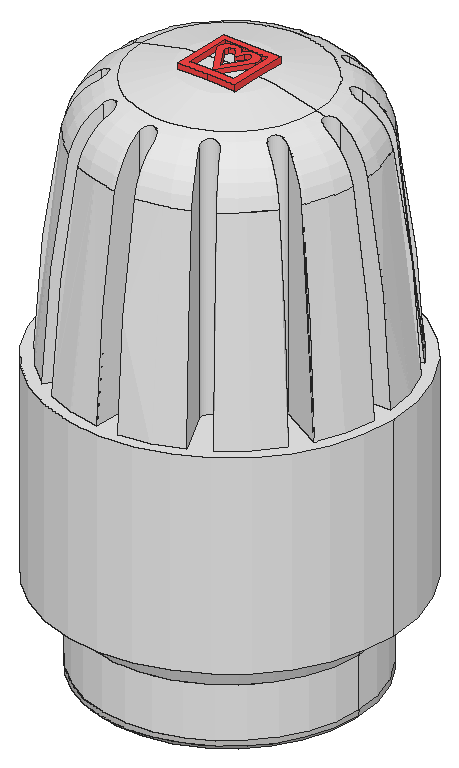
Revit family "HERZ-Herzcules-Thermostatkopf M28x1.5 9860", category Rohrzubehör, Revit 2018
Family settings
  Bemaßung runder Anschluss = Durchmesser verwenden
  Teiletyp = Normal
  OmniClass-Nummer = 23.65.55.14
  OmniClass-Titel = Valves for Liquid Services
  Arbeitsebenenbasiert = Nein
  Immer vertikal = Nein
  Beim Laden mit Abzugskörper schneiden = Nein
  Gemeinsam genutzt = Nein
Parameters
  URL = "www.herz-armaturen.at"
  Sollwertbereich = "8 - 26°C"  # constant formula
  S02 = 60.000 mm  # constant formula
  S01 = 81.000 mm  # constant formula
  Hersteller = "HERZ Armaturen Ges.m.b.H."  # constant formula
  Handrad = "Kunststoff, weiß"  # constant formula
  Funktionsweise = "Der HERZ-Thermostat dient als Fühl- und Regelelement.\r\nDurch die Volumsänderung der Flüssigkeitsfüllung im HERZ-Hydrosensor wird die Schubspindel des Ventils bewegt."
  Bestellnummer = 1986010  # constant formula
  Ausführungen = "HERZCULES, Heizkörperthermostat in Massivausführung\r\ngegen Vandalismus, Diebstahl und unbefugte Betätigung.\r\nMontage, Demontage und Sollwerteinstellung nur mit Spezialwerkzeugen möglich.\r\nSollwerteinstellung verriegelt, Einstellanzeige bleibt in verriegelter Position verdeckt.\r\nMit automatischer Frostsicherung."
  Anwendungen = "HERZCULES, Thermostatkopf zur Montage auf HERZ-Ventilen, die für thermostatischen Betrieb eingerichtet sind."
Reference planes
  plane 1 "Mitte (Vorne/hinten)": y = 0
  plane 2: z = 0
  plane 3 "Mitte (Links/rechts)": x = 0
Forms (mm)
  Revolve 1, solid, material "Kunststoff weiß", detail levels fine
    sketch origin (0, 0, 0) x (1, 0, 0) y (0, 0, 1)
      loop
        line (-20.5, -3.5) -> (-14, -3.5) -> (-14, 0) -> (0, 0) -> (0, 81)
        arc (0, 81) -> (-6.982, 80.51) -> (-13.827, 79.05) r 50
        arc (-13.827, 79.05) -> (-18.34, 76.173) -> (-20.722, 71.381) r 10
        arc (-20.722, 71.381) -> (-23.123, 55.561) -> (-24.254, 39.6) r 200.5
        line (-24.254, 39.6) -> (-26, 39.6) -> (-26, 9) -> (-23.156, 9) -> (-20.5, 4.4) -> (-20.5, -3.5)
      axis (0, 81) -> (0, -3.5)
    angle from 0 to 360
  Revolve 2, solid, material "Messing verzinkt", detail levels fine
    sketch origin (0, 0, -5) x (1, 0, 0) y (0, 0, 1)
      loop
        line (-14, 0) -> (-14, 1.5) -> (-20.5, 1.5) -> (-20.5, 0.7) -> (-19.8, 0) -> (-14, 0)
      axis (0, 1.5) -> (0, 0)
    angle from 0 to 360
  Extrusion 3, void
    sketch origin (0, 0, 0) x (1, 0, 0) y (0, 1, 0)
      loop
        line (1.7, -24.289) -> (1.331, -16.288)
        arc (1.331, -16.288) -> (-0.021, -15) -> (-1.366, -16.294) r 1.35
        line (-1.366, -16.294) -> (-1.7, -24.292)
        arc (-1.7, -24.292) -> (0, -24.35) -> (1.7, -24.289) r 24.35
      loop
        arc (-13.65, -20.176) -> (-12.208, -21.079) -> (-10.707, -21.879) r 24.35
        line (-10.707, -21.879) -> (-6.996, -14.785)
        arc (-6.996, -14.785) -> (-7.515, -12.992) -> (-9.329, -13.431) r 1.35
        line (-9.329, -13.431) -> (-13.65, -20.176)
      loop
        line (-20.194, -13.632) -> (-13.449, -9.312)
        arc (-13.449, -9.312) -> (-13.009, -7.497) -> (-14.803, -6.979) r 1.35
        line (-14.803, -6.979) -> (-21.896, -10.689)
        arc (-21.896, -10.689) -> (-21.097, -12.19) -> (-20.194, -13.632) r 24.35
      loop
        arc (-24.307, 1.718) -> (-24.368, 0.018) -> (-24.309, -1.682) r 24.35
        line (-24.309, -1.682) -> (-16.311, -1.349)
        arc (-16.311, -1.349) -> (-15.018, -0.003) -> (-16.305, 1.349) r 1.35
        line (-16.305, 1.349) -> (-24.307, 1.718)
      loop
        arc (1.7, 24.289) -> (0, 24.35) -> (-1.7, 24.292) r 24.35
        line (-1.7, 24.292) -> (-1.366, 16.294)
        arc (-1.366, 16.294) -> (-0.021, 15) -> (1.331, 16.288) r 1.35
        line (1.331, 16.288) -> (1.7, 24.289)
      loop
        line (-13.65, 20.176) -> (-9.329, 13.431)
        arc (-9.329, 13.431) -> (-7.515, 12.992) -> (-6.996, 14.785) r 1.35
        line (-6.996, 14.785) -> (-10.707, 21.879)
        arc (-10.707, 21.879) -> (-12.208, 21.079) -> (-13.65, 20.176) r 24.35
      loop
        arc (-20.194, 13.632) -> (-21.097, 12.19) -> (-21.896, 10.689) r 24.35
        line (-21.896, 10.689) -> (-14.803, 6.979)
        arc (-14.803, 6.979) -> (-13.009, 7.497) -> (-13.449, 9.312) r 1.35
        line (-13.449, 9.312) -> (-20.194, 13.632)
      loop
        line (24.307, 1.718) -> (16.305, 1.349)
        arc (16.305, 1.349) -> (15.018, -0.003) -> (16.311, -1.349) r 1.35
        line (16.311, -1.349) -> (24.309, -1.682)
        arc (24.309, -1.682) -> (24.368, 0.018) -> (24.307, 1.718) r 24.35
      loop
        arc (13.65, 20.176) -> (12.208, 21.079) -> (10.707, 21.879) r 24.35
        line (10.707, 21.879) -> (6.996, 14.785)
        arc (6.996, 14.785) -> (7.515, 12.992) -> (9.329, 13.431) r 1.35
        line (9.329, 13.431) -> (13.65, 20.176)
      loop
        line (20.194, 13.632) -> (13.449, 9.312)
        arc (13.449, 9.312) -> (13.009, 7.497) -> (14.803, 6.979) r 1.35
        line (14.803, 6.979) -> (21.896, 10.689)
        arc (21.896, 10.689) -> (21.097, 12.19) -> (20.194, 13.632) r 24.35
      loop
        line (13.65, -20.176) -> (9.329, -13.431)
        arc (9.329, -13.431) -> (7.515, -12.992) -> (6.996, -14.785) r 1.35
        line (6.996, -14.785) -> (10.707, -21.879)
        arc (10.707, -21.879) -> (12.208, -21.079) -> (13.65, -20.176) r 24.35
      loop
        arc (20.194, -13.632) -> (21.097, -12.19) -> (21.896, -10.689) r 24.35
        line (21.896, -10.689) -> (14.803, -6.979)
        arc (14.803, -6.979) -> (13.009, -7.497) -> (13.449, -9.312) r 1.35
        line (13.449, -9.312) -> (20.194, -13.632)
    from 39.6 to 90
Cuts and joins
  Extrusion 3 cuts Revolve 1
Lines and regions (mm)
  model lines, detail levels coarse+medium
    curve 1: line (0, 0, 0) -> (0, 0, 21)
    curve 2: line (0, -0.017, 0) -> (0, 21, 0)
    curve 3: circle (0, 0, 51) r 30 normal (0, -1, 0)
    curve 4: circle (0, 0, 51) r 30 normal (1, 0, 0)
    curve 5: line (0, 0, 31) -> (0, 0, 71)
    curve 6: line (0, 17.5, 71) -> (0, -17.5, 71)
    curve 7: line (0, 0, 31) -> (0, 0, 71)
    curve 8: line (-17.5, 0, 71) -> (17.5, 0, 71)
    curve 9: circle (0, 51, 0) r 30 normal (0, 0, 1)
    curve 10: line (0, 31, 0) -> (0, 71, 0)
    curve 11: line (-17.5, 71, 0) -> (17.5, 71, 0)
Dimensions and locks
  nested 1 to plane 2 = 80.000 mm
  "S01": curve 4 to plane 2
  "S01": curve 3 to plane 2
  "S01": plane 1 "Mitte (Vorne/hinten)" to curve 9
  "S02": diameter of curve 3
  "S02": diameter of curve 4
  "S02": diameter of curve 9
  aligned and locked: level to plane 2
Automatic sketch dimensions
  Revolve 1 sketch curve to level = 0.000 mm
  Revolve 1 sketch curve to plane 3 "Mitte (Links/rechts)" = 0.000 mm  (x2)
  Revolve 1 sketch curve to plane 3 "Mitte (Links/rechts)" = 10.903 mm
  Revolve 1 sketch curve to plane 3 "Mitte (Links/rechts)" = 14.000 mm
  Revolve 1 sketch curve to Revolve 1 sketch curve = 6.500 mm
  level to Revolve 1 sketch curve = 9.000 mm
  Revolve 1 sketch curve to Revolve 1 sketch curve = 2.656 mm
  Revolve 1 sketch curve to plane 3 "Mitte (Links/rechts)" = 24.254 mm
  Revolve 1 sketch curve to Revolve 1 sketch curve = 1.746 mm
  level to Revolve 1 sketch curve = 33.411 mm
  plane 3 "Mitte (Links/rechts)" to Revolve 1 sketch curve = 176.150 mm
  Revolve 1 sketch curve to level = 3.500 mm
  level to Revolve 1 sketch curve = 4.400 mm
  level to Revolve 1 sketch curve = 31.000 mm
  Revolve 1 sketch curve to Revolve 1 sketch curve = 8.600 mm
  Revolve 1 sketch curve to Revolve 1 sketch curve = 29.887 mm
  Revolve 1 sketch curve to Revolve 1 sketch curve = 11.513 mm
  Revolve 1 sketch curve to Revolve 1 sketch curve = 2.925 mm
  level to Revolve 1 sketch curve = 5.000 mm
  Revolve 1 sketch curve to Revolve 1 sketch curve = 2133.315 mm
  Revolve 2 sketch curve to plane 3 "Mitte (Links/rechts)" = 0.000 mm
  Revolve 2 sketch curve to level = 5.000 mm
  Revolve 2 sketch curve to plane 3 "Mitte (Links/rechts)" = 14.000 mm
  Revolve 2 sketch curve to Revolve 2 sketch curve = 5.800 mm
  Revolve 2 sketch curve to Revolve 2 sketch curve = 0.700 mm  (x2)
  Revolve 2 sketch curve to Revolve 2 sketch curve = 1.500 mm
  Revolve 2 sketch curve to Revolve 2 sketch curve = 366.045 mm
  level to Revolve 2 sketch curve = 2209.315 mm
  Extrusion 3 sketch curve to Extrusion 3 sketch curve = 0.000 mm  (x62)
  plane 1 "Mitte (Vorne/hinten)" to Extrusion 3 sketch curve = 0.000 mm  (x4)
  plane 1 "Mitte (Vorne/hinten)" to Extrusion 3 sketch curve = 1.682 mm  (x2)
  Extrusion 3 sketch curve to plane 3 "Mitte (Links/rechts)" = 24.309 mm
  Extrusion 3 sketch curve to plane 1 "Mitte (Vorne/hinten)" = 1.718 mm  (x2)
  Extrusion 3 sketch curve to Extrusion 3 sketch curve = 0.002 mm
  plane 1 "Mitte (Vorne/hinten)" to Extrusion 3 sketch curve = 10.689 mm  (x2)
  Extrusion 3 sketch curve to Extrusion 3 sketch curve = 2.413 mm
  plane 1 "Mitte (Vorne/hinten)" to Extrusion 3 sketch curve = 13.632 mm
  Extrusion 3 sketch curve to Extrusion 3 sketch curve = 4.113 mm
  Extrusion 3 sketch curve to Extrusion 3 sketch curve = 7.942 mm
  plane 1 "Mitte (Vorne/hinten)" to Extrusion 3 sketch curve = 1.349 mm  (x2)
  Extrusion 3 sketch curve to Extrusion 3 sketch curve = 0.056 mm
  Extrusion 3 sketch curve to plane 1 "Mitte (Vorne/hinten)" = 1.349 mm  (x2)
  Extrusion 3 sketch curve to plane 1 "Mitte (Vorne/hinten)" = 6.979 mm  (x2)
  Extrusion 3 sketch curve to Extrusion 3 sketch curve = 1.503 mm  (x4)
  plane 1 "Mitte (Vorne/hinten)" to Extrusion 3 sketch curve = 6.979 mm  (x2)
  Extrusion 3 sketch curve to Extrusion 3 sketch curve = 1.509 mm
  Extrusion 3 sketch curve to Extrusion 3 sketch curve = 0.626 mm  (x6)
  Extrusion 3 sketch curve to Extrusion 3 sketch curve = 6.544 mm  (x2)
  Extrusion 3 sketch curve to plane 1 "Mitte (Vorne/hinten)" = 9.312 mm
  Extrusion 3 sketch curve to Extrusion 3 sketch curve = 0.728 mm  (x6)
  plane 1 "Mitte (Vorne/hinten)" to Extrusion 3 sketch curve = 9.312 mm
  Extrusion 3 sketch curve to Extrusion 3 sketch curve = 2.943 mm  (x4)
  Extrusion 3 sketch curve to Extrusion 3 sketch curve = 4.120 mm  (x6)
  Extrusion 3 sketch curve to Extrusion 3 sketch curve = 1.137 mm  (x4)
  Extrusion 3 sketch curve to Extrusion 3 sketch curve = 1.196 mm  (x5)
  Extrusion 3 sketch curve to plane 3 "Mitte (Links/rechts)" = 1.700 mm  (x2)
  Extrusion 3 sketch curve to plane 3 "Mitte (Links/rechts)" = 1.366 mm  (x2)
  Extrusion 3 sketch curve to plane 3 "Mitte (Links/rechts)" = 0.018 mm  (x2)
  plane 3 "Mitte (Links/rechts)" to Extrusion 3 sketch curve = 0.018 mm
  plane 3 "Mitte (Links/rechts)" to Extrusion 3 sketch curve = 1.331 mm  (x2)
  plane 3 "Mitte (Links/rechts)" to Extrusion 3 sketch curve = 1.700 mm  (x2)
  Extrusion 3 sketch curve to Extrusion 3 sketch curve = 5.665 mm  (x2)
  Extrusion 3 sketch curve to Extrusion 3 sketch curve = 3.710 mm  (x2)
  Extrusion 3 sketch curve to Extrusion 3 sketch curve = 0.006 mm  (x3)
  Extrusion 3 sketch curve to Extrusion 3 sketch curve = 6.745 mm  (x6)
  Extrusion 3 sketch curve to Extrusion 3 sketch curve = 1.702 mm  (x3)
  Extrusion 3 sketch curve to plane 1 "Mitte (Vorne/hinten)" = 10.689 mm  (x2)
  Extrusion 3 sketch curve to Extrusion 3 sketch curve = 8.002 mm  (x3)
  Extrusion 3 sketch curve to Extrusion 3 sketch curve = 7.181 mm
  Extrusion 3 sketch curve to Extrusion 3 sketch curve = 4.848 mm
  Extrusion 3 sketch curve to Extrusion 3 sketch curve = 2.333 mm
  Extrusion 3 sketch curve to Extrusion 3 sketch curve = 4.320 mm
  curve 5 to plane 1 "Mitte (Vorne/hinten)" = 0.000 mm
  curve 4 to plane 1 "Mitte (Vorne/hinten)" = 0.000 mm
  plane 1 "Mitte (Vorne/hinten)" to curve 6 = 17.500 mm
  curve 5 to curve 6 = 17.500 mm
  curve 5 to curve 4 = 20.000 mm
  curve 4 to curve 6 = 20.000 mm
  curve 3 to plane 3 "Mitte (Links/rechts)" = 0.000 mm
  curve 7 to plane 3 "Mitte (Links/rechts)" = 0.000 mm
  curve 1 to plane 3 "Mitte (Links/rechts)" = 0.000 mm
  curve 1 to level = 0.000 mm
  curve 8 to curve 7 = 17.500 mm
  plane 3 "Mitte (Links/rechts)" to curve 8 = 17.500 mm
  curve 1 to curve 7 = 10.000 mm
  curve 3 to curve 8 = 20.000 mm
  curve 9 to plane 3 "Mitte (Links/rechts)" = 0.000 mm
  curve 10 to plane 3 "Mitte (Links/rechts)" = 0.000 mm
  curve 2 to plane 3 "Mitte (Links/rechts)" = 0.000 mm
  curve 11 to curve 10 = 17.500 mm
  plane 3 "Mitte (Links/rechts)" to curve 11 = 17.500 mm
  plane 1 "Mitte (Vorne/hinten)" to curve 2 = 0.017 mm
  curve 2 to curve 10 = 10.000 mm
  curve 9 to curve 11 = 20.000 mm
Nested families
  nested 1: "Herz-Logo" at (0, 0, 80), type "Herz-Logo", detail levels fine
Definition of nested family "Herz-Logo"
  Reference planes
    plane 1 "Mitte (Vorne/hinten)": y = 0
    plane 2: z = 0
    plane 3 "Mitte (Links/rechts)": x = 0
  Forms (mm)
    Extrusion 1, solid
      sketch origin (0, 0, 0) x (1, 0, 0) y (0, 1, 0)
        loop
          line (-0.018, -4.517) -> (4.482, -4.517) -> (4.482, 4.483) -> (-4.518, 4.483) -> (-4.518, -4.517) -> (-0.018, -4.517)
        loop
          line (-0.05, -3.48) -> (3.482, -3.48) -> (3.482, 3.483) -> (-3.518, 3.483) -> (-3.518, -3.48) -> (-0.05, -3.48)
        loop
          arc (-0.018, 2.383) -> (-1.543, 3.287) -> (-3.067, 2.383) r 1.738
          arc (-3.067, 2.383) -> (-3.191, 1.899) -> (-3.067, 1.415) r 1.009
          line (-3.067, 1.415) -> (-0.018, -3.281) -> (3.032, 1.415)
          arc (3.032, 1.415) -> (3.156, 1.899) -> (3.032, 2.383) r 1.009
          arc (3.032, 2.383) -> (1.507, 3.287) -> (-0.018, 2.383) r 1.738
        loop
          arc (1.885, 1.272) -> (2.005, 1.675) -> (1.885, 2.079) r 0.74
          arc (1.885, 2.079) -> (1.265, 2.416) -> (0.644, 2.079) r 0.74
          line (0.644, 2.079) -> (-0.018, 0.97) -> (-0.679, 2.079)
          arc (-0.679, 2.079) -> (-1.3, 2.416) -> (-1.921, 2.079) r 0.74
          arc (-1.921, 2.079) -> (-2.04, 1.675) -> (-1.921, 1.272) r 0.74
          line (-1.921, 1.272) -> (-0.018, -1.658) -> (1.885, 1.272)
      from 0 to 1.5
  Dimensions and locks
    aligned and locked: level to plane 2
